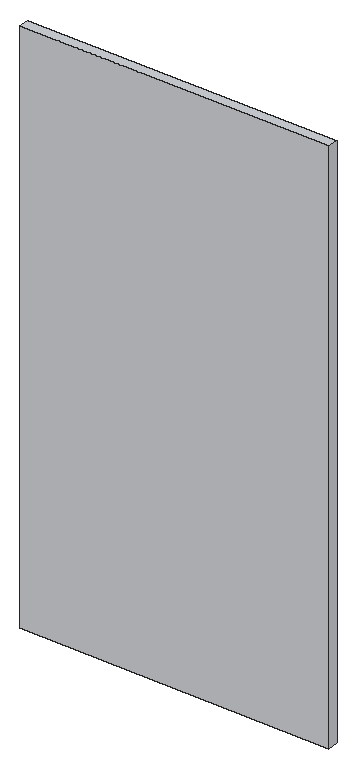
Revit family "Door_CavitySlider", category Doors, host Wall, Revit 2022
Family settings
  Host = Wall
  OmniClass Number = 23.30.10.00
  OmniClass Title = Doors
  Always vertical = Yes
  Cut with Voids When Loaded = No
  Shared = No
  Room Calculation Point = No
Parameters
  Mat_Door = none
  Function = Interior
  Frame Projection Ext. = 25 mm
  Frame Projection Int. = 25 mm
  Frame Width = 75 mm
  Height = 2100 mm
  Wall Closure = By host
  Width = 1200 mm
  DoorThickness = 40 mm
  Define Thermal Properties by = Schematic Type
  Analytic Construction = "<None>"
Reference planes
  plane 1: y = 0
  plane 2 "Center (Left/Right)": x = 0
  plane 3 "Left": x = -600
  plane 4 "Right": x = 600
  plane 5: z = 2100
  plane 6 "Exterior": y = 75
  plane 7 "Interior": y = -75
  plane 8: x = -1800
  plane 9: y = 20
  plane 10: y = -20
  plane 11: y = 40
  plane 12: y = -40
Forms (mm)
  Extrusion 1, void
    sketch origin (0, 0, 0) x (1, 0, 0) y (0, 1, 0)
      loop
        line (-1800, 40) -> (-1800, -40) -> (-600, -40) -> (-600, 40) -> (-1800, 40)
    from 0 to 2100
  Extrusion 2, void
    sketch origin (1200, 0, 0) x (1, 0, 0) y (0, 1, 0)
      loop
        line (-1800, 75) -> (-1800, -75) -> (-600, -75) -> (-600, 75) -> (-1800, 75)
    from 0 to 2100
Text (mm)
  text "Exterior" at (-1376.75, 1099.543, 0), in view "Ref. Level"
  text "Exterior" at (0, 1615.38, 3698.081), in view "Left"
  text "Exterior" at (0, 1036.032, 3874.932), in view "Right"
Dimensions and locks
  equal spacing: plane 3 "Left", plane 2 "Center (Left/Right)", plane 4 "Right"
  "Width": plane 3 "Left" to plane 4 "Right"
  "Height": plane 5 to host wall
  host wall to plane 5 = 2100 mm  (x2)
  locked: plane 6 "Exterior" to host wall
  locked: plane 7 "Interior" to host wall
  "Width": plane 8 to plane 3 "Left"
  equal spacing: plane 9, plane 1, plane 10
  "DoorThickness": plane 9 to plane 10
  locked: plane 12 to plane 10 at 20
  locked: plane 11 to plane 9 at 20
  aligned and locked: plane 1 to host wall
  aligned and locked: host wall to nested 1
  aligned and locked: plane 2 "Center (Left/Right)" to nested 1
  aligned and locked: nested 1 to level
  aligned and locked: Extrusion 1 sketch curve to plane 8
  aligned and locked: Extrusion 1 to plane 5
  aligned and locked: Extrusion 1 to level
  aligned and locked: Extrusion 1 sketch curve to plane 3 "Left"
  aligned and locked: Extrusion 2 sketch curve to host wall
  aligned and locked: plane 11 to Extrusion 1 sketch curve
  aligned and locked: plane 12 to Extrusion 1 sketch curve
  aligned and locked: host wall to Extrusion 2 sketch curve
Automatic sketch dimensions
  Extrusion 2 sketch curve to plane 3 "Left" = 0 mm
  Extrusion 2 sketch curve to plane 4 "Right" = 0 mm
Nested families
  nested 1: "DoorPanel" at (0, 0, 0), type "DoorPanel"
Definition of nested family "DoorPanel"
  Parameters (values of type "DoorPanel")
    DoorPanel_Width = 1200 mm
    DoorPanel_Thickness = 40 mm
    DoorPanel_Height = 2100 mm
    DoorPanel = none
    Default Elevation = 0 mm
  Reference planes
    plane 1 "Center (Front/Back)": y = 0
    plane 2: z = 0
    plane 3 "Center (Left/Right)": x = 0
    plane 4: x = -600
    plane 5: x = 600
    plane 6: y = 20
    plane 7: y = -20
    plane 8: z = 2100
  Forms (mm)
    Extrusion 1, solid, material <- "DoorPanel"
      sketch origin (0, 0, 0) x (1, 0, 0) y (0, 1, 0)
        loop
          line (-600, 20) -> (-600, -20) -> (600, -20) -> (600, 20) -> (-600, 20)
      from 0 to 2100
  Dimensions and locks
    equal spacing: plane 4, plane 3 "Center (Left/Right)", plane 5
    equal spacing: plane 6, plane 1 "Center (Front/Back)", plane 7
    "DoorPanel_Width": plane 4 to plane 5
    "DoorPanel_Thickness": plane 6 to plane 7
    "DoorPanel_Height": plane 8 to plane 2
    aligned and locked: level to plane 2
    aligned and locked: Extrusion 1 sketch curve to plane 6
    aligned and locked: Extrusion 1 sketch curve to plane 7
    aligned and locked: Extrusion 1 sketch curve to plane 4
    aligned and locked: Extrusion 1 sketch curve to plane 5
    aligned and locked: plane 8 to Extrusion 1
    aligned and locked: Extrusion 1 to plane 2
